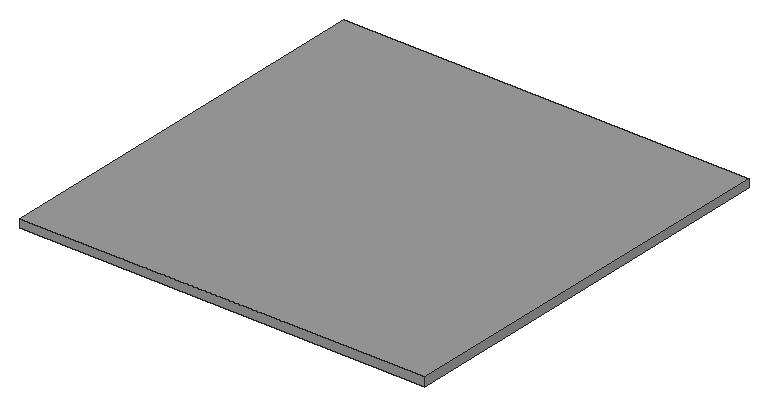
Revit family "WM-MN Unskimmend Family 85mm", category Generic Models, host Ceiling, Revit 2017
Family settings
  Host = Ceiling
  Can host rebar = No
  Round Connector Dimension = Use Diameter
  Part Type = Normal
  Always vertical = Yes
  Cut with Voids When Loaded = No
  Shared = No
  Room Calculation Point = No
Parameters (values of type "Lambdaboard")
  Width = 4000 mm
  URL = "www.rigifoam.com"
  Type Comments = "duncan@rigifoam.com"
  Thermal Resistance = 3.5400 (m²·K)/W
  Thermal Conductivity = 0.0240 W/(m·K)
  Model = "WM/MN Unskimmend 85mm"
  Material = Polyisocyanurate
  Manufacturer = "Lambdaboard"
  Length = 4000 mm
  Description = "Flexible PIR Insulation"
  Depth = 85 mm
  Density = 40.0000 kg/m³
Reference planes
  plane 1 "Center (Front/Back)": y = 0
  plane 2: z = 0
  plane 3 "Center (Left/Right)": x = 0
  plane 4 "Ceiling": z = 4000
Forms (mm)
  Extrusion 1, solid, material "Polyisocyanurate" <- "Material"
    sketch origin (0, 0, 4000) x (0, 1, 0) y (-1, 0, 0)
      loop
        line (2000, 2000) -> (-2000, 2000) -> (-2000, -2000) -> (2000, -2000) -> (2000, 2000)
    from -85 to 0
Dimensions and locks
  equal spacing: host sketch curve, plane 3 "Center (Left/Right)", host sketch curve
  equal spacing: host sketch curve, plane 1 "Center (Front/Back)", host sketch curve
  host sketch curve to host sketch curve = 4000 mm  (x2)
  plane 4 "Ceiling" to host ceiling = 0 mm
  equal spacing: Extrusion 1, plane 3 "Center (Left/Right)", Extrusion 1
  "Length": Extrusion 1 to Extrusion 1
  "Width": Extrusion 1 to Extrusion 1
  "Depth": Extrusion 1 to Extrusion 1
Automatic sketch dimensions
  plane 1 "Center (Front/Back)" to Extrusion 1 sketch curve = 2000 mm
  Extrusion 1 sketch curve to plane 1 "Center (Front/Back)" = 2000 mm
  plane 3 "Center (Left/Right)" to Extrusion 1 sketch curve = 2000 mm
  Extrusion 1 sketch curve to plane 3 "Center (Left/Right)" = 2000 mm
